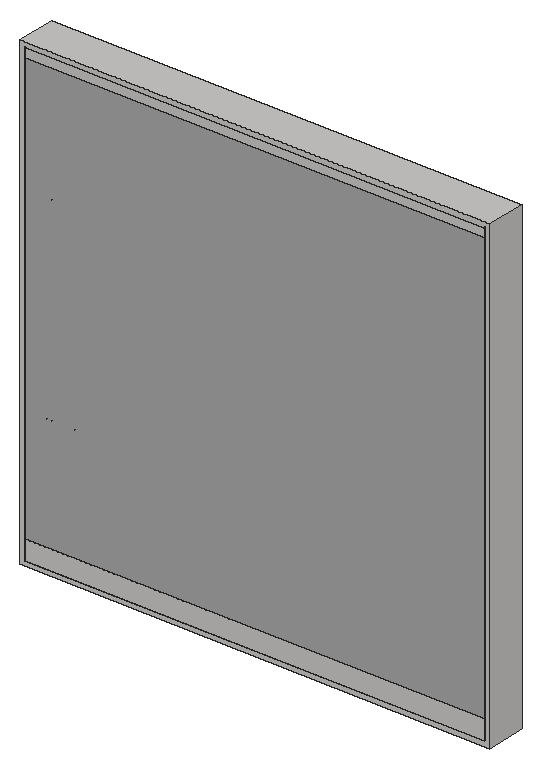
Revit family
Parameters (values of type "Louver_Frmd-Mtl_SFJ-430_All-Lite")
  URL = "http://www.alllite-louvers.com"
  Specifications = "http://www.alllite-louvers.com/catalog/ASFJ-430%20csi%20specification.doc"
  Spacing = 0.25 ft
  SmartBIM Object Version = 3  # constant formula
  SmartBIM Object Created By = "Reed Construction Data"  # constant formula
  Shim Thickness = 0.042 ft
  Screen Width = Width - (2 * Shim Thickness) - 2 * 0.083333 ft  # 3.749333 ft
  Screen Height = Height - (2 * Shim Thickness)  # 3.916 ft
  Screen = Aluminum
  Rough Width = 0.0 ft
  Rough Height = 0.0 ft
  Product URL = "http://www.alllite-louvers.com/catalog.php?model=SFJ-430"
  Pressure Loss (in.wg.) = "0.13"  # constant formula
  OmniClass Title = "Exterior Louvers and Grilles"  # constant formula
  OmniClass Code = "23-60 11 17"  # constant formula
  Model Number = "SFJ-430"  # constant formula
  Minimum Size = "12\" x 12\""
  Maximum Size - Single Section = "60\" x 120\" or 120\" x 60\""
  Maximum Size - Multiple Section = "Unlimited"
  Manufacturer = "All-Lite"  # constant formula
  Louver Width = Width - (2 * Shim Thickness) - 0.166667 ft  # 3.749333 ft
  Louver = Galvannealed Steel
  Height = 4.0 ft
  Free Area for 48”x48” Louver = "51.0%"
  Free Area Velocity (fpm) = "847"  # constant formula
  Free Area (ft²) for 48"x48" Louver = 8.2 ft
  Frame = Galvannealed Steel
  Default Sill Height = 3.0 ft
  Wall Closure = (empty or 0)
  Width = 4.0 ft
  Cut Sheet = "http://www.alllite-louvers.com/catalog/ASFJ430.pdf"
  Assembly Code = "B2010300"
  Air Volume Delivered (cfm) = "6,945"  # constant formula
  95 CSI = "10200 "  # constant formula
  04 CSI = "08 91 00"  # constant formula
  # of Louvers = (Height - 0.25 ft) / (Spacing)  # 15
Reference planes (ft)
  plane 1 "Center (Front/Back)": y = 0
  plane 2: z = 0.291667
  plane 3 "Center (Left/Right)": x = 0
  plane 4 "Left": x = -2
  plane 5 "Right": x = 2
  plane 6 "Sill": z = 3.291667
  plane 7 "Top": z = 7.291667
  plane 8: x = -1.958
  plane 9: x = 1.958
  plane 10: z = 7.249667
  plane 11: z = 3.333667
  plane 12: z = 5.291667
  plane 13: z = 6.940896
  plane 14: z = 3.500333
Forms (ft)
  Sweep 1, solid, material "Galvannealed Steel" <- "Frame"
    path origin (-5, 0.333333, 0) x (-1, 0, 0) y (0, 0, 1)
      loop
        line (-6.958, 7.249667) -> (-3.042, 7.249667)
    profile "Head Horizontal Mullion : Head Horizontal Mullion" origin (0, 0.333333, 7.249667) x (0, 0, 1) y (0, 1, 0)
      loop
        line (-0.010417, -0.322831) -> (-0.072917, -0.322831) -> (-0.072917, -0.010417) -> (-0.010417, -0.010417) -> (-0.010417, -0.041667) -> (0, -0.041667) -> (0, 0) -> (-0.083333, 0) -> (-0.083333, -0.333247) -> (0, -0.333247) -> (0, -0.291581) -> (-0.010417, -0.291581) -> (-0.010417, -0.322831)
  Sweep 2, solid, material "Galvannealed Steel" <- "Frame"
    path origin (-5, 0.333333, 0) x (-1, 0, 0) y (0, 0, 1)
      loop
        line (-6.958, 3.333667) -> (-3.042, 3.333667)
    profile "Horizontal Mullion : Horizontal Mullion" origin (0, 0.333333, 3.333667) x (0, 0, 1) y (0, 1, 0)
      loop
        line (0.010417, -0.322917) -> (0.010417, -0.28507) -> (0, -0.28507) -> (0, -0.333333) -> (0.083333, -0.333333) -> (0.166667, -0.333333) -> (0.166667, -0.322917) -> (0.083333, -0.322917) -> (0.083333, 0) -> (0, 0) -> (0, -0.041667) -> (0.010417, -0.041667) -> (0.010417, -0.010417) -> (0.072917, -0.010417) -> (0.072917, -0.322917) -> (0.010417, -0.322917)
  Sweep 3, solid, material "Galvannealed Steel" <- "Frame"
    path origin (-5, 0.333333, 0) x (-1, 0, 0) y (0, 0, 1)
      loop
        line (-6.958, 3.417) -> (-6.958, 7.166333)
    profile "Vertical Mullion : Vertical Mullion" origin (1.958, 0.333333, 5.291667) x (1, 0, 0) y (0, 1, 0)
      loop
        line (-0.010417, -0.010417) -> (-0.010417, -0.041667) -> (0, -0.041667) -> (0, 0) -> (-0.083333, 0) -> (-0.083333, -0.322917) -> (0, -0.322917) -> (0, -0.28125) -> (-0.010417, -0.28125) -> (-0.010417, -0.3125) -> (-0.072917, -0.3125) -> (-0.072917, -0.010417) -> (-0.010417, -0.010417)
  Sweep 4, solid, material "Galvannealed Steel" <- "Frame"
    path origin (5, 0.333333, 0) x (1, 0, 0) y (0, 0, -1)
      loop
        line (-6.958, -3.417) -> (-6.958, -7.166333)
    profile "Vertical Mullion : Vertical Mullion" origin (-1.958, 0.333333, 5.291667) x (1, 0, 0) y (0, 1, 0)
      loop
        line (0.010417, -0.010417) -> (0.072917, -0.010417) -> (0.072917, -0.3125) -> (0.010417, -0.3125) -> (0.010417, -0.28125) -> (0, -0.28125) -> (0, -0.322917) -> (0.083333, -0.322917) -> (0.083333, 0) -> (0, 0) -> (0, -0.041667) -> (0.010417, -0.041667) -> (0.010417, -0.010417)
  Sweep 5, solid, material "Galvannealed Steel" <- "Frame"
    path origin (-5, 0.333333, 0) x (-1, 0, 0) y (0, 0, 1)
      loop
        line (-3, 7.291667) -> (-7, 7.291667) -> (-7, 3.291667) -> (-3, 3.291667) -> (-3, 7.291667)
    profile origin (-2, 0.333333, 5.291667) x (0, 1, 0) y (-1, 0, 0)
      loop
        line (0, 0) -> (-0.333333, 0) -> (-0.333333, -0.042) -> (0, -0.042) -> (0, 0)
  Extrusion 6, solid, material "Aluminum" <- "Screen"
    sketch origin (1.385417, 0.0075, 7.25) x (-1, 0, 0) y (0, 0, -1)
      loop
        line (3.343417, 0.083667) -> (3.343417, 3.749667) -> (-0.572583, 3.749667) -> (-0.572583, 0.083667) -> (3.343417, 0.083667)
    from -0.002917 to 0.0075
Lines and regions (ft)
  Opening 1
    outline origin (-5, -0.333333, 0) x (1, 0, 0) y (0, 0, 1)
      loop
        line (3, 7.291667) -> (3, 3.291667) -> (7, 3.291667) -> (7, 7.291667) -> (3, 7.291667)
  Masking region 1, detail levels fine
    outline origin (0, 0, 0) x (1, 0, 0) y (0, 1, 0)
      loop
        line (-1.958, 0.291667) -> (-1.947583, 0.291667) -> (-1.947583, 0.322917) -> (-1.885083, 0.322917) -> (-1.885083, 0.020833) -> (-1.947583, 0.020833) -> (-1.947583, 0.052083) -> (-1.958, 0.052083) -> (-1.958, 0.010417) -> (-1.874667, 0.010417) -> (-1.874667, 0.333333) -> (-1.958, 0.333333) -> (-1.958, 0.291667)
      loop
        line (1.947583, 0.291667) -> (1.958, 0.291667) -> (1.958, 0.333333) -> (1.874667, 0.333333) -> (1.874667, 0.010417) -> (1.958, 0.010417) -> (1.958, 0.052083) -> (1.947583, 0.052083) -> (1.947583, 0.020833) -> (1.885083, 0.020833) -> (1.885083, 0.322917) -> (1.947583, 0.322917) -> (1.947583, 0.291667)
  Masking region 2, detail levels coarse+medium
    outline origin (0, 0, 0) x (1, 0, 0) y (0, 1, 0)
      loop
        line (2, 0.333333) -> (1.874667, 0.333333) -> (1.874667, 0) -> (2, 0) -> (2, 0.333333)
      loop
        line (-2, 0) -> (-1.874667, 0) -> (-1.874667, 0.333333) -> (-2, 0.333333) -> (-2, 0)
Text (ft)
  text "EXTERIOR" at (-4.890733, 4.242245, 0), in view "Ref. Level"
  text "INTERIOR" at (-4.890733, -3.147199, 0), in view "Ref. Level"
  text "Exterior" at (0, 3.638026, 10.266337), in view "Left"
  text "Exterior" at (0, 1.524487, 10.420622), in view "Right"
Dimensions and locks (ft)
  equal spacing: plane 4 "Left", plane 3 "Center (Left/Right)", plane 5 "Right"
  "Width": plane 4 "Left" to plane 5 "Right"
  "Height": plane 6 "Sill" to plane 7 "Top"
  "Default Sill Height": plane 2 to plane 6 "Sill"
  "Shim Thickness": plane 4 "Left" to plane 8
  "Shim Thickness": plane 9 to plane 5 "Right"
  "Shim Thickness": plane 10 to plane 7 "Top"
  "Shim Thickness": plane 6 "Sill" to plane 11
  equal spacing: plane 11, plane 12, plane 10
  Sweep 5 to Sweep 5 = 0.333333 ft
  locked: plane 10 to plane 13 at 0.30877
  locked: plane 14 to plane 11 at 0.166667
  equal spacing: group 1, group 3, group 4, group 5, group 6, group 7, group 8, group 9, group 10, group 11, group 12, group 13, group 14, group 15, group 2  (x2)
  equal spacing: group 2, group 15, group 14, group 13, group 12, group 11, group 10, group 9, group 8, group 7, group 6, group 5, group 4, group 3, group 1
  aligned and locked: plane 7 "Top" to Opening 1 sketch curve
  aligned and locked: plane 6 "Sill" to Opening 1 sketch curve  (x2)
  aligned and locked: plane 5 "Right" to Opening 1 sketch curve
  aligned and locked: plane 4 "Left" to Opening 1 sketch curve
  aligned and locked: plane 10 to Sweep 1 sketch curve
  aligned and locked: Sweep 2 sketch curve to plane 11
  aligned and locked: plane 9 to Sweep 3 sketch curve
  aligned and locked: Sweep 4 sketch curve to plane 8
  aligned and locked: Sweep 5 sketch curve to plane 4 "Left"
  aligned and locked: Sweep 5 sketch curve to plane 7 "Top"
  aligned and locked: Sweep 5 sketch curve to plane 6 "Sill"
  aligned and locked: Sweep 5 sketch curve to plane 5 "Right"
  aligned and locked: Sweep 5 sketch curve to host wall  (x2)
  aligned and locked: plane 8 to Sweep 5 sketch curve
  aligned and locked: profile plane to host wall
  aligned and locked: Sweep 5 to Extrusion 6
  aligned and locked: Sweep 3 sketch curve to Sweep 1
  aligned and locked: plane 9 to Sweep 2 sketch curve
  aligned and locked: plane 8 to Sweep 2 sketch curve
  aligned and locked: plane 9 to Sweep 1 sketch curve
  aligned and locked: plane 8 to Sweep 1 sketch curve
  aligned and locked: nested 1 to Sweep 1
  aligned and locked: Sweep 5 to nested 1
  aligned and locked: plane 3 "Center (Left/Right)" to nested 1
  aligned and locked: plane 14 to nested 2
  aligned and locked: Sweep 5 to nested 2
  aligned and locked: plane 3 "Center (Left/Right)" to nested 2
  aligned and locked: Sweep 2 to Extrusion 6 sketch curve
  aligned and locked: Sweep 1 to Extrusion 6 sketch curve
  aligned and locked: Extrusion 6 sketch curve to Sweep 4
  aligned and locked: Extrusion 6 sketch curve to Sweep 3
  aligned and locked: Extrusion 6 to Sweep 3
  aligned and locked: Masking region 1 sketch curve to Sweep 4  (x9)
  aligned and locked: Extrusion 6 to Masking region 1 sketch curve
  aligned and locked: Sweep 5 to Masking region 1 sketch curve  (x2)
  aligned and locked: Masking region 1 sketch curve to Sweep 3  (x10)
  aligned and locked: Masking region 1 sketch curve to Extrusion 6
  aligned and locked: Masking region 2 sketch curve to host wall
  aligned and locked: host wall to Masking region 2 sketch curve
  aligned and locked: Masking region 2 sketch curve to nested 2  (x2)
  aligned and locked: Masking region 2 sketch curve to nested 14
  aligned and locked: Sweep 5 to Masking region 2 sketch curve
  aligned and locked: Masking region 2 sketch curve to Sweep 5
  aligned and locked: nested 2 to Masking region 2 sketch curve
Automatic sketch dimensions
  Sweep 4 sketch curve to plane 10 = 0.083333 ft
  plane 11 to Sweep 3 sketch curve = 0.083333 ft
  plane 11 to Sweep 4 sketch curve = 0.083333 ft
  Masking region 1 sketch curve to plane 8 = 0.0 ft
Nested families (ft)
  nested 1: "Louver Single" at (0, 0.251577, 6.870131), type "Louver"
  nested 2: "Louver Single" at (0, 0.251577, 3.500333), type "Louver"
  nested 3: "Louver Single" at (0, 0.251577, 6.629431), type "Louver"
  nested 4: "Louver Single" at (0, 0.251577, 6.388731), type "Louver"
  nested 5: "Louver Single" at (0, 0.251577, 6.148031), type "Louver"
  nested 6: "Louver Single" at (0, 0.251577, 5.907331), type "Louver"
  nested 7: "Louver Single" at (0, 0.251577, 5.666632), type "Louver"
  nested 8: "Louver Single" at (0, 0.251577, 5.425932), type "Louver"
  nested 9: "Louver Single" at (0, 0.251577, 5.185232), type "Louver"
  nested 10: "Louver Single" at (0, 0.251577, 4.944532), type "Louver"
  nested 11: "Louver Single" at (0, 0.251577, 4.703832), type "Louver"
  nested 12: "Louver Single" at (0, 0.251577, 4.463133), type "Louver"
  nested 13: "Louver Single" at (0, 0.251577, 4.222433), type "Louver"
  nested 14: "Louver Single" at (0, 0.251577, 3.981733), type "Louver"
  nested 15: "Louver Single" at (0, 0.251577, 3.741033), type "Louver"
Connectors (ft)
  hvac at (0, 0, 5.333333), driven by "Screen Height", driven by "Screen Width"
    settings: on Extrusion 6, index 1
Definition of nested family "Louver Single"
  Parameters (values of type "Louver")
    Louver Length = 3.75 ft
    Depth = 0.333333 ft
    Louver Single = yes
    Louver = All-Lite - El Cajon Silver
    Assembly Code = ""
  Reference planes (ft)
    plane 1 "Center (Front/Back)": y = -0.085938
    plane 2: z = 0
    plane 3 "Center (Left/Right)": x = 0
    plane 4: x = -1.875
    plane 5: x = 1.875
    plane 6: y = -0.251577
    plane 7: y = 0.081756
    plane 8: z = 0.296203
  Forms (ft)
    Extrusion 1, solid, material "All-Lite - El Cajon Silver" <- "Louver"
      sketch origin (0, 0, -0.128487) x (0, 1, 0) y (0, 0, 1)
        loop
          line (0.050702, 0.135154) -> (0.050702, 0.128487) -> (0.081756, 0.128487) -> (0.081756, 0.190854) -> (0.049272, 0.210372)
          arc (0.049272, 0.210372) -> (0.035308, 0.227856) -> (0.013314, 0.231978) r 0.032118
          line (0.013314, 0.231978) -> (-0.156143, 0.329984)
          arc (-0.156143, 0.329984) -> (-0.170107, 0.347469) -> (-0.192101, 0.35159) r 0.032118
          line (-0.192101, 0.35159) -> (-0.228018, 0.373171) -> (-0.228018, 0.418023) -> (-0.201995, 0.418023) -> (-0.201995, 0.42469) -> (-0.234685, 0.42469) -> (-0.234685, 0.369399) -> (-0.195535, 0.345876)
          arc (-0.195535, 0.345876) -> (-0.18157, 0.328391) -> (-0.159576, 0.32427) r 0.032118
          line (-0.159576, 0.32427) -> (0.009881, 0.226263)
          arc (0.009881, 0.226263) -> (0.023845, 0.208779) -> (0.045839, 0.204657) r 0.032118
          line (0.045839, 0.204657) -> (0.075246, 0.186988) -> (0.075246, 0.135154) -> (0.050702, 0.135154)
      from -1.875 to 1.875
  Dimensions and locks (ft)
    equal spacing: plane 4, plane 3 "Center (Left/Right)", plane 5
    "Louver Length": plane 4 to plane 5
    plane 7 to plane 6 = 0.333333 ft
    aligned and locked: Extrusion 1 to plane 4
    aligned and locked: plane 5 to Extrusion 1
  Automatic sketch dimensions
    plane 6 to Extrusion 1 sketch curve = 0.016892 ft
    Extrusion 1 sketch curve to Extrusion 1 sketch curve = 0.026024 ft
    Extrusion 1 sketch curve to Extrusion 1 sketch curve = 0.032484 ft
    Extrusion 1 sketch curve to Extrusion 1 sketch curve = 0.003434 ft  (x4)
    Extrusion 1 sketch curve to Extrusion 1 sketch curve = 0.008885 ft  (x3)
    Extrusion 1 sketch curve to Extrusion 1 sketch curve = 0.027073 ft  (x3)
    Extrusion 1 sketch curve to Extrusion 1 sketch curve = 0.004332 ft
    Extrusion 1 sketch curve to Extrusion 1 sketch curve = 0.010047 ft
    Extrusion 1 sketch curve to Extrusion 1 sketch curve = 0.005714 ft  (x4)
    Extrusion 1 sketch curve to Extrusion 1 sketch curve = 0.019518 ft
    Extrusion 1 sketch curve to Extrusion 1 sketch curve = 0.003866 ft
    Extrusion 1 sketch curve to Extrusion 1 sketch curve = 0.051834 ft
    Extrusion 1 sketch curve to Extrusion 1 sketch curve = 0.003772 ft
    Extrusion 1 sketch curve to Extrusion 1 sketch curve = 0.044852 ft
    Extrusion 1 sketch curve to Extrusion 1 sketch curve = 0.006667 ft  (x3)
    Extrusion 1 sketch curve to plane 1 "Center (Front/Back)" = 0.095818 ft
    Extrusion 1 sketch curve to Extrusion 1 sketch curve = 0.004863 ft
    Extrusion 1 sketch curve to Extrusion 1 sketch curve = 0.029407 ft
    Extrusion 1 sketch curve to Extrusion 1 sketch curve = 0.00651 ft
    Extrusion 1 sketch curve to level = 0.0 ft
    level to Extrusion 1 sketch curve = 0.19145 ft
    Extrusion 1 sketch curve to Extrusion 1 sketch curve = 0.023524 ft
